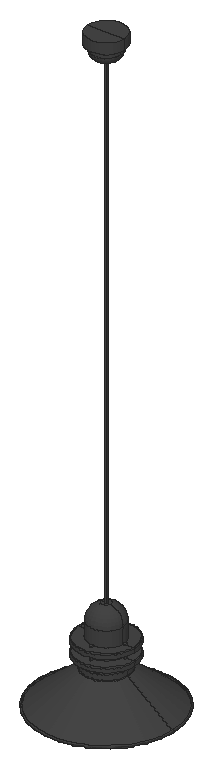
Revit family "Orbitor 200w -16,18,20 LED", category Lighting Fixtures, Revit 2020 (continued)
Definition of nested family "ORB218"
  Definition of nested family "ORB218-LED"
    Forms (in)
      Revolve 1, solid, material <- "Body", visible <- "ORB218"
        sketch origin (0, 0, 0) x (1, 0, 0) y (0, 0, 1)
          loop
            line (-3.1875, 9.86006) -> (-3.1875, 9.36006) -> (-3.1075, 9.36006) -> (-3.1075, 9.86006)
            arc (-3.1075, 9.86006) -> (-3.09432, 9.89188) -> (-3.0625, 9.90506) r 0.045
            line (-3.0625, 9.90506) -> (-2.625, 9.90506)
            arc (-2.625, 9.90506) -> (-2.48004, 9.9651) -> (-2.42, 10.11006) r 0.205
            line (-2.42, 10.11006) -> (-2.42, 12.48506)
            arc (-2.42, 12.48506) -> (-1.93222, 13.94209) -> (-0.6655, 14.81176) r 2.42
            line (-0.6655, 14.81176) -> (0, 14.81176) -> (0, 14.87493) -> (-0.73384, 14.87493)
          axis (0, 14.87493) -> (0, 9.36006)
        angle from 0 to 360
      Revolve 2, solid, material <- "Body", visible <- "ORB218"
        sketch origin (0, 0, 0) x (1, 0, 0) y (0, 0, 1)
          loop
            line (-4, 9.98506) -> (-2.5625, 9.98506) -> (-2.5625, 10.23506) -> (-4, 10.23506) -> (-4, 9.98506)
          axis (0, 10.23506) -> (0, 9.98506)
        angle from 0 to 360
      Revolve 3, solid, material <- "Body", visible <- "ORB218"
        sketch origin (0, 0, 0) x (1, 0, 0) y (0, 0, 1)
          loop
            line (-3.0625, 9.90506) -> (-3.0625, 9.78006) -> (-1.5, 9.78006) -> (-1.5, 9.90506) -> (-3.0625, 9.90506)
          axis (0, 9.90506) -> (0, 9.78006)
        angle from 0 to 360
      Revolve 4, solid, material <- "Body", visible <- "ORB218"
        sketch origin (0, 0, 0) x (1, 0, 0) y (0, 0, 1)
          loop
            line (-1.25, 9.78006) -> (-2.5, 9.78006) -> (-2.5, 9.03006) -> (-2.4375, 9.03006) -> (-2.4375, 8.53006) -> (-2.1875, 8.53006) -> (-2.1875, 9.59256) -> (-1.25, 9.59256) -> (-1.25, 9.78006)
          axis (0, 9.78006) -> (0, 8.53006)
        angle from 0 to 360
      Revolve 5, solid, material <- "Body", visible <- "ORB218"
        sketch origin (0, 0, 0) x (1, 0, 0) y (0, 0, 1)
          loop
            line (-2.5625, 8.45006) -> (-2.5625, 8.53006) -> (-4.1075, 8.53006)
            arc (-4.1075, 8.53006) -> (-4.16407, 8.50663) -> (-4.1875, 8.45006) r 0.08
            line (-4.1875, 8.45006) -> (-4.1875, 7.90506) -> (-4.1075, 7.90506) -> (-4.1075, 8.45006) -> (-2.5625, 8.45006)
          axis (0, 8.53006) -> (0, 7.90506)
        angle from 0 to 360
      Revolve 6, solid, material <- "Body", visible <- "ORB218"
        sketch origin (0, 0, 0) x (1, 0, 0) y (0, 0, 1)
          loop
            line (-2.5625, 7.12006) -> (-2.5625, 7.20006) -> (-3.0625, 7.20006)
            arc (-3.0625, 7.20006) -> (-3.15089, 7.16345) -> (-3.1875, 7.07506) r 0.125
            line (-3.1875, 7.07506) -> (-3.1875, 6.33529)
            arc (-3.1875, 6.33529) -> (-3.20446, 6.27243) -> (-3.25072, 6.22662) r 0.125
            line (-3.25072, 6.22662) -> (-8.79633, 1.77583)
            arc (-8.79633, 1.77583) -> (-8.81985, 1.76011) -> (-8.8476, 1.75459) r 0.0725
            arc (-8.8476, 1.75459) -> (-8.9201, 1.82709) -> (-8.8476, 1.89959) r 0.0725
            line (-8.8476, 1.89959) -> (-8.8476, 1.97959)
            arc (-8.8476, 1.97959) -> (-9.0001, 1.82709) -> (-8.8476, 1.67459) r 0.1525
            arc (-8.8476, 1.67459) -> (-8.78924, 1.6862) -> (-8.73976, 1.71926) r 0.1525
            line (-8.73976, 1.71926) -> (-3.20527, 6.16057)
            arc (-3.20527, 6.16057) -> (-3.1336, 6.23518) -> (-3.1075, 6.33529) r 0.205
            line (-3.1075, 6.33529) -> (-3.1075, 7.07506)
            arc (-3.1075, 7.07506) -> (-3.09432, 7.10688) -> (-3.0625, 7.12006) r 0.045
            line (-3.0625, 7.12006) -> (-2.5625, 7.12006)
          axis (0, 7.20006) -> (0, 1.67459)
        angle from 0 to 360
      Revolve 7, solid, material <- "Body", visible <- "ORB218"
        sketch origin (0, 0, 0) x (1, 0, 0) y (0, 0, 1)
          loop
            arc (-2.8125, 10.49006) -> (-2.92183, 10.45978) -> (-3, 10.37756) r 0.2125
            line (-3, 10.37756) -> (-3, 10.31506) -> (-2.8125, 10.31506) -> (-2.8125, 10.49006)
          loop
            line (-3, 9.78006) -> (-3, 8.53006) -> (-2.9375, 8.53006) -> (-2.9375, 9.78006) -> (-3, 9.78006)
          loop
            line (-3, 8.45006) -> (-3, 7.20006) -> (-2.9375, 7.20006) -> (-2.9375, 8.45006) -> (-3, 8.45006)
          axis (-2.8125, 10.49006) -> (-2.8125, 7.20006)
        angle from 0 to 360
      Revolve 8, solid, material <- "Body", visible <- "ORB218"
        sketch origin (0, 0, 0) x (-1, 0, 0) y (0, 0, 1)
          loop
            arc (-2.8125, 10.49006) -> (-2.92183, 10.45978) -> (-3, 10.37756) r 0.2125
            line (-3, 10.37756) -> (-3, 10.31506) -> (-2.8125, 10.31506) -> (-2.8125, 10.49006)
          loop
            line (-3, 9.78006) -> (-3, 8.53006) -> (-2.9375, 8.53006) -> (-2.9375, 9.78006) -> (-3, 9.78006)
          loop
            line (-3, 8.45006) -> (-3, 7.20006) -> (-2.9375, 7.20006) -> (-2.9375, 8.45006) -> (-3, 8.45006)
          axis (-2.8125, 10.49006) -> (-2.8125, 7.20006)
        angle from 0 to 360
      Revolve 9, solid
        sketch origin (0, 0, 0) x (0, -1, 0) y (0, 0, 1)
          loop
            arc (-2.8125, 10.49006) -> (-2.92183, 10.45978) -> (-3, 10.37756) r 0.2125
            line (-3, 10.37756) -> (-3, 10.31506) -> (-2.8125, 10.31506) -> (-2.8125, 10.49006)
          loop
            line (-3, 9.78006) -> (-3, 8.53006) -> (-2.9375, 8.53006) -> (-2.9375, 9.78006) -> (-3, 9.78006)
          loop
            line (-3, 8.45006) -> (-3, 7.20006) -> (-2.9375, 7.20006) -> (-2.9375, 8.45006) -> (-3, 8.45006)
          axis (-2.8125, 10.49006) -> (-2.8125, 7.20006)
        angle from 0 to 360
      Revolve 10, solid, material <- "Body", visible <- "ORB218"
        sketch origin (0, 0, 0) x (0, 1, 0) y (0, 0, -1)
          loop
            line (-2.8125, -10.49006) -> (-2.8125, -10.31506) -> (-3, -10.31506) -> (-3, -10.37756)
            arc (-3, -10.37756) -> (-2.92183, -10.45978) -> (-2.8125, -10.49006) r 0.2125
          loop
            line (-3, -9.78006) -> (-2.9375, -9.78006) -> (-2.9375, -8.53006) -> (-3, -8.53006) -> (-3, -9.78006)
          loop
            line (-3, -8.45006) -> (-2.9375, -8.45006) -> (-2.9375, -7.20006) -> (-3, -7.20006) -> (-3, -8.45006)
          axis (-2.8125, -10.49006) -> (-2.8125, -7.20006)
        angle from 0 to 360
      Revolve 11, solid, material <- "Bulb", visible <- "ORB218"
        sketch origin (0, 0, 0) x (1, 0, 0) y (0, 0, 1)
          loop
            line (-2.07662, 9.5) -> (-2.07662, 8.53006) -> (-2.185, 8.4375) -> (-2.185, 5.92368) -> (-2.185, 3.185)
            arc (-2.185, 3.185) -> (-1.54503, 1.63997) -> (0, 1) r 2.185
            line (0, 1) -> (0, 1.1875)
            arc (0, 1.1875) -> (-1.41245, 1.77255) -> (-1.9975, 3.185) r 1.9975
            line (-1.9975, 3.185) -> (-1.9975, 5.92368) -> (-1.9975, 8.35106) -> (-1.88912, 8.44362) -> (-1.88912, 9.5) -> (-2.07662, 9.5)
          axis (0, 9.5) -> (0, 1)
        angle from 0 to 360
      Revolve 12, solid, material <- "Body", visible <- "ORB218"
        sketch origin (0, 0, 1.785) x (1, 0, 0) y (0, 0, 1)
          loop
            line (-2.5625, 8.45006) -> (-2.5625, 8.53006) -> (-4.1075, 8.53006)
            arc (-4.1075, 8.53006) -> (-4.16407, 8.50663) -> (-4.1875, 8.45006) r 0.08
            line (-4.1875, 8.45006) -> (-4.1875, 7.90506) -> (-4.1075, 7.90506) -> (-4.1075, 8.45006) -> (-2.5625, 8.45006)
          axis (0, 8.53006) -> (0, 7.90506)
        angle from 0 to 360
      Revolve 13, solid, material <- "INSIDE BODY", visible <- "ORB218"
        sketch origin (0, 0, 0) x (1, 0, 0) y (0, 0, 1)
          loop
            line (3.20527, 6.16057) -> (3.04549, 6.16057) -> (8.50934, 1.77583) -> (8.66911, 1.77583) -> (3.20527, 6.16057)
          axis (0, 1.77583) -> (0, 6.16057)
        angle from 0 to 360
    Lines and regions (in)
      model lines
        curve 1: line (0, 0, 0.99993) -> (0, 0, 14.87493)
    Dimensions and locks (in)
      aligned and locked: plane 2 to level
Types (4): name | URL | ORB220 | ORB218 | ORB216 | Photometric Web File | Model | Fixture Diameter
  (no name) | "https://www.anplighting.com/assets/Uploads/product-attachments/specification-sheets/ANP-Specification-Sheet-RLM-LED-ORB220.pdf" | yes | no | no | "ORB220CLM024LDDW40K.IES" | "ORB220" | 1' - 8"
  ORB216 | "https://www.anplighting.com/assets/Uploads/product-attachments/specification-sheets/ANP-Specification-Sheet-RLM-LED-ORB216.pdf" | no | no | yes | "ORB216CLM016LDDW40K.IES" | "ORB216" | 1' - 4"
  ORB218 | "https://www.anplighting.com/assets/Uploads/product-attachments/specification-sheets/ANP-Specification-Sheet-RLM-LED-ORB218.pdf" | no | yes | no | "ORB216CLM016LDDW40K.IES" | "ORB218" | 1' - 6"
  ORB220 | "https://www.anplighting.com/assets/Uploads/product-attachments/specification-sheets/ANP-Specification-Sheet-RLM-LED-ORB220.pdf" | yes | no | no | "ORB220CLM024LDDW40K.IES" | "ORB220" | 1' - 8"
